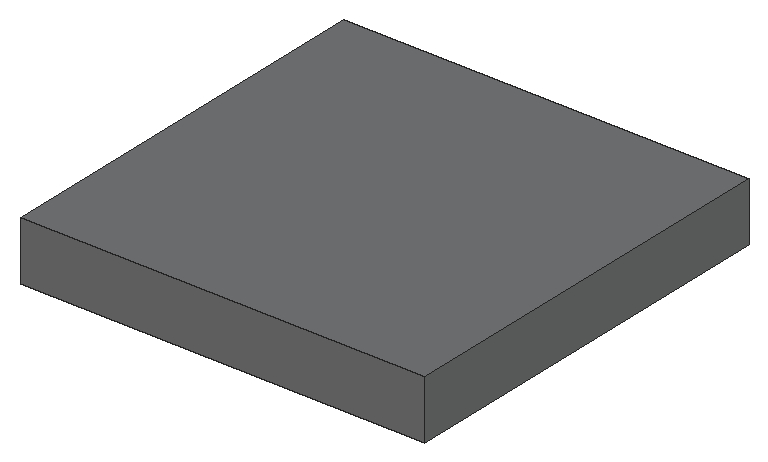
Revit family "Gira_029403", category Electrical Fixtures, host Face, Revit 2017
Family settings
  Host = Face
  Maintain Annotation Orientation = No
  Round Connector Dimension = Use Diameter
  Part Type = Normal
  Cut with Voids When Loaded = No
  Shared = No
  Room Calculation Point = No
Parameters (values of type "Rocker 2-g arrow sym. System 55 p.white")
  With exchangeable lens/symbol = "No"
  URL = "http://katalog.gira.de/en/datenblatt.html?artikelnr=029403"
  Suitable for touch sensor connector for bus system = "No"
  Scannable symbol / barrier free = "No"
  Name = "Rocker 2-g arrow sym. System 55 p.white"
  Monitoring window/light outlet = "No"
  Model = "Two-part rocker"
  Manufacturer URL = "https://www.gira.de/"
  Manufacturer = "Gira"
  Keynote = ""
  HeinzeBIM = "https://bimportal.heinze.de/bim/rocker-2-g-arrow-sym-system-55-p-white/75809d717febf21f7f6f1791f0739b199841e47f"
  HAN = "029403"
  GTIN = "4010337294030"
  Description = "Rock.2g arrow sym. Sys55 PW,Rocker, 2-gang with arrow symbol,,pure white glossy,"
  Default Elevation = 1219.2 mm
  Data sheet (1) = "https://katalog.gira.de/en/download.html?artikelnr=029403"
  Category = "Control element/cover plate for domestic switching devices"
  BIM (1) = "https://media.stage.bim.site/public/gira/36a6b08/Sys55_Abdeckung_Schalten und Tasten.rfa?public/gira/36a6b08/Sys55_Abdeckung_Schalten und Tasten.rfa"
  Available = "No"
  Anthrazit [instance] = Anthrazit
Reference planes
  plane 1 "Center (Front/Back)": y = 0
  plane 2: z = 0
  plane 3 "Center (Left/Right)": x = 0
Forms (mm)
  Extrusion 1, solid, material "Anthrazit" <- "Anthrazit", detail levels fine
    sketch origin (0, 0, 0) x (1, 0, 0) y (0, 1, 0)
      loop
        line (-27.5, 27.5) -> (-27.5, -27.5) -> (27.5, -27.5) -> (27.5, 27.5) -> (-27.5, 27.5)
    from 0 to 8
  Extrusion 2, void
    sketch origin (0, 0, 0) x (1, 0, 0) y (0, 1, 0)
      loop
        line (26, 26) -> (-26, 26) -> (-26, -26) -> (26, -26) -> (26, 26)
    from 0 to 6
  Extrusion 3, solid, material "Anthrazit" <- "Anthrazit", detail levels medium
    sketch origin (0, 0, 0) x (1, 0, 0) y (0, 1, 0)
      loop
        line (-27.5, 27.5) -> (-27.5, -27.5) -> (27.5, -27.5) -> (27.5, 27.5) -> (-27.5, 27.5)
    from 0 to 8
  Extrusion 4, solid, material "Anthrazit" <- "Anthrazit", detail levels medium
    sketch origin (0, 0, 0) x (1, 0, 0) y (0, 1, 0)
      loop
        line (11, -17.5) -> (11, 17.5) -> (-11, 17.5) -> (-11, -17.5) -> (11, -17.5)
    from -6 to 6
  Extrusion 5, solid, material "Anthrazit" <- "Anthrazit", detail levels fine
    sketch origin (0, 0, 0) x (1, 0, 0) y (0, 1, 0)
      loop
        line (11, 17.5) -> (-11, 17.5) -> (-11, 16.5) -> (11, 16.5) -> (11, 17.5)
      loop
        line (-11, -16.5) -> (-11, -17.5) -> (11, -17.5) -> (11, -16.5) -> (-11, -16.5)
    from -4 to 6
  Extrusion 6, solid, material "Anthrazit" <- "Anthrazit", detail levels fine
    sketch origin (0, 0, 0) x (1, 0, 0) y (0, 1, 0)
      loop
        arc (5, 9.347) -> (0, 10.6) -> (-5, 9.347) r 10.6
        line (-5, 9.347) -> (-5, -9.347)
        arc (-5, -9.347) -> (0, -10.6) -> (5, -9.347) r 10.6
        line (5, -9.347) -> (5, 9.347)
    from -6 to 6
  Extrusion 7, solid, material "Anthrazit" <- "Anthrazit", detail levels coarse
    sketch origin (0, 0, 0) x (1, 0, 0) y (0, 1, 0)
      loop
        line (-27.5, 27.5) -> (-27.5, -27.5) -> (27.5, -27.5) -> (27.5, 27.5) -> (-27.5, 27.5)
    from -6 to 8
Cuts and joins
  Extrusion 2 cuts Extrusion 1
Dimensions and locks
  aligned and locked: plane 2 to host face
  aligned and locked: level to host face
